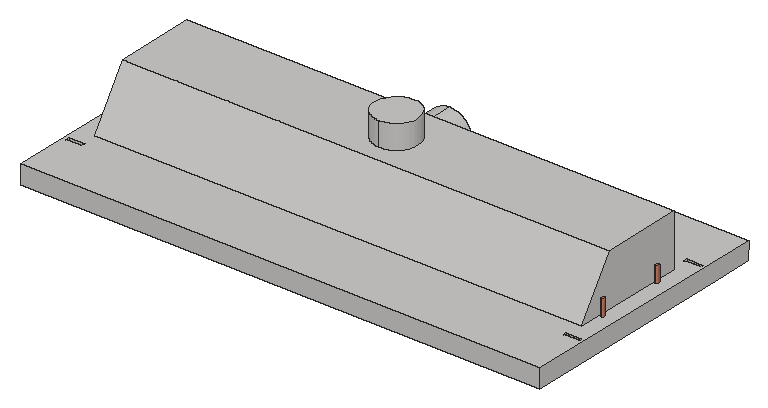
Revit family "HVAC-Chilled_Beam-Dadanco-ACB40-ACW", category Mechanical Equipment, Revit 2018
Family settings
  Round Connector Dimension = Use Diameter
  Part Type = Normal
  OmniClass Number = 23.75.70.17.31
  OmniClass Title = Induction Units
  Work Plane-Based = No
  Always vertical = Yes
  Cut with Voids When Loaded = No
  Shared = No
  Room Calculation Point = No
Parameters (values of type "6' Nominal Length")
  Zone Name [instance] = ""
  Zone ID [instance] = ""
  Unit Width = 3' - 0"  # constant formula
  Unit Weight = if(Nominal Unit Length = 2' 0", "36 lb", if(Nominal Unit Length = 4' 0", "73 lb", if(Nominal Unit Length = 6' 0", "110 lb", if(Nominal Unit Length = 8' 0", "146 lb", if(Nominal Unit Length = 10' 0", "183 lb", "0 lb")))))  # "110 lb"
  Unit Tag [instance] = ""
  Total Cooling Capacity = 0.0 Btu/h
  Supply Air = 0 CFM
  Sound Level dBA = ""
  Sound Level NC = ""
  Secondary Air Sensible Heating = 0.0 Btu/h
  Secondary Air Sensible Cooling = 0.0 Btu/h
  SHHW Temperature = 0 °F
  SHHW Pressure Drop [instance] = HWPD  # 0 Pa
  SHHW Flow [instance] = HWF  # 0 GPM
  SCHW Temperature = 0 °F
  SCHW Pressure Drop [instance] = CWPD  # 0 Pa
  SCHW Flow [instance] = CWF  # 0 GPM
  Primary Air Static Pressure [instance] = PASP  # 0.00 in-wg
  Primary Air Inlet Top [instance] = yes
  Primary Air Inlet Size = 0' - 6"
  Primary Air Inlet Back [instance] = yes
  Primary Air Flow Rate [instance] = PA  # 0 CFM
  PASP = 0.00 in-wg
  PA = 0 CFM
  Overall Unit Length = Nominal Unit Length + 0' 2 1/2"  # 6' - 2 1/2"
  Origin1 = Nominal Unit Length / 2  # 3' - 0"
  Nozzle Configuration = ""
  Nominal Unit Length = 6' - 0"
  Net Unit Heating Sensible = 0.0 Btu/h
  Net Unit Cooling Sensible = 0.0 Btu/h
  Model Number = ""
  Unit Length = Nominal Unit Length  # 6' - 0"
  URL = "http://www.dadanco.com/"
  Type Comments = "2-way Discharge Horizontal Coil"
  SHHW Temp Out = 0 °F
  SCHW Temp Out = 0 °F
  Product Page URL = "http://www.activechilledbeam.com/efficient_air_conditioning.asp"
  Latent Cooling = 0.0 Btu/h
  Keynote = "23 37 00.A1"
  Heating Supply Air Temperature = 0 °F
  Heating Room Dry Bulb = 0 °F
  Heating Primary Air Dry Bulb = 0 °F
  HWPD = 0 Pa
  HWF = 0 GPM
  Front Back Air Inlet [instance] = or(Primary Air Inlet Top, Primary Air Inlet Back)  # yes
  Pipe Material = Metal-Dadanco-Copper-Satin
  Pipe Coil Outlet = "2 Pipe Coi, 0.5 inch SWT Stub Coil Connection"
  Pipe Coil Inlet = "2 Pipe Coi, 0.5 inch SWT Stub Coil Connection"
  Documentation Link = "http://www.dadanco.com/ACB/air_conditioning_literature.asp?productLineID=30"
  Cooling Supply Air Temperature = 0 °F
  Cooling Room Relative Humidity = 0
  Cooling Room Dry Bulb = 0 °F
  Cooling Primary Air Wet Bulb = 0 °F
  Cooling Primary Air Dry Bulb = 0 °F
  Coil Connection Right [instance] = yes
  Coil Connection Left [instance] = not(Coil Connection Right)  # no
  Revision Date = "07/19/2010"  # constant formula
  Coil Length = if(Nominal Unit Length = 2' 0", 2' 0", if(Nominal Unit Length = 4' 0", 3' 4", if(Nominal Unit Length = 6' 0", 5' 4", 0' 0")))  # 5' - 4"
  Model = "ACB40"  # constant formula
  Manufacturer = "Dadanco"  # constant formula
  Housing Material = Metal-Dadanco-Steel-Galvanized
  Description = "Active Chilled Beam"  # constant formula
  CWPD = 0 Pa
  CWF = 0 GPM
  Architectural Design Manual = "http://www.activechilledbeam.com/efficient_air_conditioning.asp"
  4 Pipe Coil Configuration Right [instance] = and([4 Pipe Coil Configuration], Coil Connection Right)  # no
  4 Pipe Coil Configuration Left [instance] = and([4 Pipe Coil Configuration], Coil Connection Left)  # no
  4 Pipe Coil Configuration = if([2 or 4 pipe] = 4, 1 = 1, 1 = 0)  # no
  2 or 4 pipe = 2
  2 Pipe Coil Configuration = if([2 or 4 pipe] = 2, 1 = 1, 1 = 0)  # yes
  Assembly Code = "D3040100"
Types (6): name | Unit Weight | Primary Air Inlet Back | Overall Unit Length | Origin1 | Nominal Unit Length | Unit Length | Coil Length
  (no name) | "110 lb" | yes | 6' - 2 1/2" | 3' - 0" | 6' - 0" | 6' - 0" | 5' - 4"
  4' Nominal Length | "73 lb" | no | 4' - 2 1/2" | 2' - 0" | 4' - 0" | 4' - 0" | 3' - 4"
  2' Nominal Length | "36 lb" | no | 2' - 2 1/2" | 1' - 0" | 2' - 0" | 2' - 0" | 2' - 0"
  6' Nominal Length | "110 lb" | yes | 6' - 2 1/2" | 3' - 0" | 6' - 0" | 6' - 0" | 5' - 4"
  8' Nominal Length | "146 lb" | yes | 8' - 2 1/2" | 4' - 0" | 8' - 0" | 8' - 0" | 0' - 0"
  10' Nominal Length | "183 lb" | yes | 10' - 2 1/2" | 5' - 0" | 10' - 0" | 10' - 0" | 0' - 0"
Reference planes (in)
  plane 1 "Center (Front/Back)": y = 0.77127
  plane 2 "Top Face of Plenum": z = 9.75
  plane 3 "Center (Left/Right)": x = 0.55581
  plane 4 "Right End": x = 36.55581
  plane 5 "Bottom Face": z = 0
  plane 6 "Left End": x = -35.44419
  plane 7 "Front End": y = -17.22873
  plane 8 "pipes_LH": x = -33.48019
  plane 9 "pipes_RH": x = 34.59181
  plane 10 "CHW2": y = 5.48127
  plane 11 "HW2_D": y = 2.35127
  plane 12 "HW1_D": y = -1.40873
  plane 13 "CHW1": y = -3.91873
  plane 14 "Back End": y = 18.77127
  plane 15 "topdct_ctr": y = 2.90127
  plane 16 "sidedct_ctr": z = 6.39
  plane 17 "HW1_C": y = -0.80873
  plane 18 "HW2_C": y = 2.95127
  plane 19 "mtg_RH": x = 35.03581
  plane 20 "mtg_LH": x = -33.92419
Forms (in)
  Extrusion 1, solid, material "Metal-Dadanco-Steel-Galvanized" <- "Housing Material"
    sketch origin (0.55581, 0, 0) x (0, 1, 0) y (0, 0, 1)
      loop
        line (12.66927, 0) -> (18.80427, 0) -> (18.80427, 2.511) -> (8.80427, 2.511) -> (8.80427, 9.75) -> (-2.27373, 9.75) -> (-7.23173, 2.511) -> (-17.22873, 2.511) -> (-17.22873, 0) -> (12.66927, 0)
    from -36 to 36
  Extrusion 2, solid, material "Metal-Dadanco-Steel-Galvanized", visible <- "Primary Air Inlet Back", detail levels medium+fine
    sketch origin (0.55581, 8.80427, 2.65224) x (0, 0, 1) y (1, 0, 0)
      loop
        circle (3.708, 0) r 3
    from 0 to 3.30078
  Extrusion 3, void
    sketch origin (36.55581, 0, 0) x (0, -1, 0) y (0, 0, 1)
      loop
        line (7.23173, 9.75) -> (-8.80427, 9.75) -> (-8.80427, 2.511) -> (7.23173, 2.511) -> (7.23173, 9.75)
    from 0 to 2.27344
  Extrusion 4, void
    sketch origin (-35.44419, 0, 0) x (0, 1, 0) y (0, 0, 1)
      loop
        line (8.80427, 9.75) -> (-7.28062, 9.75) -> (-7.28062, 2.511) -> (8.80427, 2.511) -> (8.80427, 9.75)
    from 0 to 2.27344
  Extrusion 5, solid, material "Metal-Dadanco-Copper-Satin" <- "Pipe Material", visible <- "Coil Connection Left", detail levels medium+fine
    sketch origin (0.55581, 13.29749, 2.511) x (0, -1, 0) y (1, 0, 0)
      loop
        circle (7.818, -34.036) r 0.25
    from 0 to 2.14844
  Extrusion 6, solid, material "Metal-Dadanco-Copper-Satin" <- "Pipe Material", visible <- "4 Pipe Coil Configuration Left", detail levels medium+fine
    sketch origin (0.55581, 13.29521, 2.511) x (0, -1, 0) y (1, 0, 0)
      loop
        circle (10.948, -34.036) r 0.25
    from 0 to 2.14844
  Extrusion 7, solid, material "Metal-Dadanco-Copper-Satin" <- "Pipe Material", visible <- "4 Pipe Coil Configuration Left", detail levels medium+fine
    sketch origin (0.55581, 13.28192, 2.511) x (0, -1, 0) y (1, 0, 0)
      loop
        circle (14.708, -34.036) r 0.25
    from 0 to 2.14844
  Extrusion 8, solid, material "Metal-Dadanco-Copper-Satin" <- "Pipe Material", visible <- "Coil Connection Left", detail levels medium+fine
    sketch origin (0.55581, 13.30331, 2.511) x (0, -1, 0) y (1, 0, 0)
      loop
        circle (17.218, -34.036) r 0.25
    from 0 to 2.14844
  Extrusion 9, solid, material "Metal-Dadanco-Copper-Satin" <- "Pipe Material", visible <- "Coil Connection Right", detail levels medium+fine
    sketch origin (0.55581, 13.21595, 2.511) x (0, -1, 0) y (1, 0, 0)
      loop
        circle (7.72527, 34.01152) r 0.25
    from 0 to 2.14844
  Extrusion 10, solid, material "Metal-Dadanco-Copper-Satin" <- "Pipe Material", visible <- "4 Pipe Coil Configuration Right", detail levels medium+fine
    sketch origin (0.55581, 13.89848, 2.511) x (0, -1, 0) y (1, 0, 0)
      loop
        circle (10.948, 34.036) r 0.25
    from 0 to 2.14844
  Extrusion 11, solid, material "Metal-Dadanco-Copper-Satin" <- "Pipe Material", visible <- "4 Pipe Coil Configuration Right", detail levels medium+fine
    sketch origin (0.55581, 13.89708, 2.511) x (0, -1, 0) y (1, 0, 0)
      loop
        circle (14.708, 34.036) r 0.25
    from 0 to 2.14844
  Extrusion 12, solid, material "Metal-Dadanco-Copper-Satin" <- "Pipe Material", visible <- "Coil Connection Right", detail levels medium+fine
    sketch origin (0.55581, 13.29838, 2.511) x (0, -1, 0) y (1, 0, 0)
      loop
        circle (17.218, 34.036) r 0.25
    from 0 to 2.14844
  Extrusion 13, solid, material "Metal-Dadanco-Steel-Galvanized", visible <- "Primary Air Inlet Top", detail levels medium+fine
    sketch origin (0.55581, 10.93739, 9.75) x (0, -1, 0) y (1, 0, 0)
      loop
        circle (8.033, 0) r 3
    from 0 to 3.30078
  Extrusion 14, void
    sketch origin (1.66375, 40.84127, 2.511) x (1, 0, 0) y (0, -1, 0)
      loop
        line (34.5, 29.852) -> (32.25, 29.852) -> (32.25, 29.412) -> (34.5, 29.412) -> (34.5, 29.852)
    from 0 to 2.14844
  Extrusion 15, void
    sketch origin (-91.29638, 40.84127, 2.511) x (1, 0, 0) y (0, -1, 0)
      loop
        line (58.5, 29.852) -> (56.25, 29.852) -> (56.25, 29.412) -> (58.5, 29.412) -> (58.5, 29.852)
    from 0 to 2.14844
  Extrusion 16, void
    sketch origin (1.66375, -39.26573, 2.511) x (-1, 0, 0) y (0, 1, 0)
      loop
        line (-34.5, 29.852) -> (-34.5, 29.412) -> (-32.25, 29.412) -> (-32.25, 29.852) -> (-34.5, 29.852)
    from 0 to 2.14844
  Extrusion 17, void
    sketch origin (-91.29638, -39.26573, 2.511) x (-1, 0, 0) y (0, 1, 0)
      loop
        line (-58.5, 29.852) -> (-58.5, 29.412) -> (-56.25, 29.412) -> (-56.25, 29.852) -> (-58.5, 29.852)
    from 0 to 2.14844
Cuts and joins
  Extrusion 3, Extrusion 4, Extrusion 14, Extrusion 15, Extrusion 16, Extrusion 17 cuts Extrusion 1
Lines and regions (in)
  model lines, detail levels medium+fine
    curve 1: line (-35.44419, -5.35923, 0) -> (36.55581, -5.35923, 0)
    curve 2: line (-35.44419, 7.04677, 0) -> (36.55581, 7.04677, 0)
  symbolic lines, not visible, detail levels medium+fine
    curve 3: arc (0.43081, -5.48123, 7.73) -> (0.55581, -5.48123, 7.855) -> (0.68081, -5.48123, 7.73) r 0.125
    curve 4: arc (0.68081, -5.48123, 7.73) -> (0.55581, -5.48123, 7.605) -> (0.43081, -5.48123, 7.73) r 0.125
  symbolic lines, detail levels fine
    curve 5: line (-35.44419, 7.98019, 4.13) -> (36.55581, 7.98019, 4.13)
    curve 6: line (-35.44419, -6.29265, 4.13) -> (36.55581, -6.29265, 4.13)
  model lines
    curve 7: line (-35.44419, 18.80427, 0) -> (-35.44419, -17.22873, 0)
  symbolic lines, detail levels medium+fine
    curve 8: line (-35.44419, 18.80427, 0) -> (-35.44419, -17.22873, 0)
    curve 9: line (36.55581, 18.80427, 0) -> (36.55581, -17.22873, 0)
    curve 10: line (-35.44419, 18.80427, 0) -> (36.55581, 18.80427, 0)
    curve 11: line (36.55581, -17.22873, 0) -> (-35.44419, -17.22873, 0)
Dimensions and locks (in)
  equal spacing: plane 6 "Left End", plane 3 "Center (Left/Right)", plane 4 "Right End"
  "Unit Length": plane 6 "Left End" to plane 4 "Right End"
  Extrusion 2 to Extrusion 2 = 0' - 3 77/256"
  plane 7 "Front End" to plane 1 "Center (Front/Back)" = 1' - 6"  (x2)
  locked: plane 3 "Center (Left/Right)" to Extrusion 2 sketch curve at 0
  plane 1 "Center (Front/Back)" to plane 10 "CHW2" = 0' - 4.71"
  plane 1 "Center (Front/Back)" to plane 11 "HW2_D" = 0' - 1.58"
  plane 12 "HW1_D" to plane 1 "Center (Front/Back)" = 0' - 2.18"
  locked: plane 13 "CHW1" to plane 1 "Center (Front/Back)" at 4.687
  locked: plane 6 "Left End" to plane 8 "pipes_LH" at 1.964
  locked: plane 9 "pipes_RH" to plane 4 "Right End" at 1.964
  plane 1 "Center (Front/Back)" to Extrusion 13 sketch curve = 0' - 2.13312"
  locked: Extrusion 13 sketch curve to plane 3 "Center (Left/Right)" at 0
  plane 14 "Back End" to plane 1 "Center (Front/Back)" = 1' - 6"
  plane 5 "Bottom Face" to plane 2 "Top Face of Plenum" = 0' - 9 3/4"
  Extrusion 1 sketch curve to Extrusion 1 sketch curve = 0' - 10"
  plane 1 "Center (Front/Back)" to plane 12 "HW1_D" to plane 13 "CHW1" = 0' - 2.18", 0' - 2.51"
  plane 1 "Center (Front/Back)" to plane 13 "CHW1" = 0' - 4.69"
  plane 5 "Bottom Face" to plane 16 "sidedct_ctr" to plane 2 "Top Face of Plenum" = 0' - 6.39", 0' - 3.36"
  cut or joined group of Extrusion 1, Extrusion 3, Extrusion 4, Extrusion 14, Extrusion 15, Extrusion 16, Extrusion 17 to plane 20 "mtg_LH" to cut or joined group of Extrusion 1, Extrusion 3, Extrusion 4, Extrusion 14, Extrusion 15, Extrusion 16, Extrusion 17 = 0' - 1.52", 5' - 10.08794"
  plane 9 "pipes_RH" to plane 19 "mtg_RH" to cut or joined group of Extrusion 1, Extrusion 3, Extrusion 4, Extrusion 14, Extrusion 15, Extrusion 16, Extrusion 17 = 0' - 0.444", 0' - 1.52"
  cut or joined group of Extrusion 1, Extrusion 3, Extrusion 4, Extrusion 14, Extrusion 15, Extrusion 16, Extrusion 17 to plane 20 "mtg_LH" to plane 8 "pipes_LH" = 0' - 1.12219", 0' - 0.444"
  aligned and locked: plane 5 "Bottom Face" to level
  aligned and locked: Extrusion 1 to plane 6 "Left End"
  aligned and locked: Extrusion 1 to plane 4 "Right End"
  aligned and locked: Extrusion 3 sketch curve to cut or joined group of Extrusion 1, Extrusion 3, Extrusion 4, Extrusion 14, Extrusion 15, Extrusion 16, Extrusion 17
  aligned and locked: Extrusion 4 sketch curve to cut or joined group of Extrusion 1, Extrusion 3, Extrusion 4, Extrusion 14, Extrusion 15, Extrusion 16, Extrusion 17  (x2)
Automatic sketch dimensions
  Extrusion 1 sketch curve to plane 7 "Front End" = 0' - 0"
  Extrusion 1 sketch curve to plane 2 "Top Face of Plenum" = 0' - 0"
  level to Extrusion 1 sketch curve = 0' - 0"
  plane 12 "HW1_D" to Extrusion 1 sketch curve = 0' - 0.865"
  Extrusion 1 sketch curve to Extrusion 1 sketch curve = 0' - 2.511"  (x2)
  curve 3 to curve 4 = 0' - 0"  (x2)
  curve 4 to plane 3 "Center (Left/Right)" = 0' - 0"
  plane 16 "sidedct_ctr" to curve 4 = 0' - 1.34"
  plane 3 "Center (Left/Right)" to curve 3 = 0' - 0 1/8"
  Extrusion 2 sketch curve to Extrusion 1 = 0' - 3.38976"
  curve 5 to plane 4 "Right End" = 0' - 0"
  curve 5 to plane 6 "Left End" = 0' - 0"
  curve 6 to plane 4 "Right End" = 0' - 0"
  curve 6 to plane 6 "Left End" = 0' - 0"
  plane 10 "CHW2" to curve 5 = 0' - 2.49892"
  plane 13 "CHW1" to curve 6 = 0' - 2.37392"
  Extrusion 3 sketch curve to Extrusion 1 = 0' - 0"
  Extrusion 1 to Extrusion 3 sketch curve = 0' - 0"  (x2)
  Extrusion 1 to Extrusion 4 sketch curve = 0' - 0"
  Extrusion 1 to Extrusion 4 sketch curve = 0' - 9.94811"
  Extrusion 5 sketch curve to plane 8 "pipes_LH" = 0' - 0"
  Extrusion 5 sketch curve to plane 10 "CHW2" = 0' - 0.00178"
  Extrusion 6 sketch curve to plane 8 "pipes_LH" = 0' - 0"
  plane 11 "HW2_D" to Extrusion 6 sketch curve = 0' - 0.00406"
  Extrusion 7 sketch curve to plane 8 "pipes_LH" = 0' - 0"
  plane 12 "HW1_D" to Extrusion 7 sketch curve = 0' - 0.01735"
  Extrusion 8 sketch curve to plane 8 "pipes_LH" = 0' - 0"
  Extrusion 8 sketch curve to plane 13 "CHW1" = 0' - 0.00404"
  plane 10 "CHW2" to Extrusion 9 sketch curve = 0' - 0.00941"
  Extrusion 9 sketch curve to plane 9 "pipes_RH" = 0' - 0.02448"
  Extrusion 10 sketch curve to plane 9 "pipes_RH" = 0' - 0"
  plane 18 "HW2_C" to Extrusion 10 sketch curve = 0' - 0.00078"
  Extrusion 11 sketch curve to plane 9 "pipes_RH" = 0' - 0"
  plane 17 "HW1_C" to Extrusion 11 sketch curve = 0' - 0.00219"
  Extrusion 12 sketch curve to plane 9 "pipes_RH" = 0' - 0"
  plane 13 "CHW1" to Extrusion 12 sketch curve = 0' - 0.00089"
  Extrusion 14 sketch curve to plane 9 "pipes_RH" = 0' - 0.67806"
  plane 4 "Right End" to Extrusion 14 sketch curve = 0' - 0.39206"
  plane 6 "Left End" to Extrusion 15 sketch curve = 0' - 0.39781"
  plane 8 "pipes_LH" to Extrusion 15 sketch curve = 0' - 0.68381"
  plane 4 "Right End" to Extrusion 16 sketch curve = 0' - 0.39206"
  Extrusion 16 sketch curve to plane 9 "pipes_RH" = 0' - 0.67806"
  plane 8 "pipes_LH" to Extrusion 17 sketch curve = 0' - 0.68381"
  plane 6 "Left End" to Extrusion 17 sketch curve = 0' - 0.39781"
  curve 1 to plane 4 "Right End" = 0' - 0"
  curve 11 to plane 6 "Left End" = 0' - 0"
  curve 9 to plane 7 "Front End" = 0' - 0"
  plane 14 "Back End" to curve 10 = 0' - 0.033"
  curve 1 to plane 13 "CHW1" = 0' - 1.4405"
  curve 2 to plane 10 "CHW2" = 0' - 1.5655"
  plane 13 "CHW1" to Extrusion 1 sketch curve = 0' - 3.313"
  plane 13 "CHW1" to Extrusion 16 sketch curve = 0' - 5.495"
  Extrusion 16 sketch curve to Extrusion 16 sketch curve = 0' - 0.44"
  plane 13 "CHW1" to Extrusion 17 sketch curve = 0' - 5.495"
  Extrusion 17 sketch curve to Extrusion 17 sketch curve = 0' - 0.44"
  plane 10 "CHW2" to Extrusion 1 sketch curve = 0' - 3.323"
  Extrusion 1 sketch curve to Extrusion 1 sketch curve = 0' - 3.865"
  plane 10 "CHW2" to Extrusion 14 sketch curve = 0' - 5.508"
  Extrusion 14 sketch curve to Extrusion 14 sketch curve = 0' - 0.44"
  plane 10 "CHW2" to Extrusion 15 sketch curve = 0' - 5.508"
  Extrusion 15 sketch curve to Extrusion 15 sketch curve = 0' - 0.44"
  radius of Extrusion 2 sketch curve = 0' - 3"
  radius of Extrusion 5 sketch curve = 0' - 0 1/4"
  radius of Extrusion 6 sketch curve = 0' - 0 1/4"
  radius of Extrusion 7 sketch curve = 0' - 0 1/4"
  radius of Extrusion 8 sketch curve = 0' - 0 1/4"
  radius of Extrusion 9 sketch curve = 0' - 0 1/4"
  radius of Extrusion 10 sketch curve = 0' - 0 1/4"
  radius of Extrusion 11 sketch curve = 0' - 0 1/4"
  radius of Extrusion 12 sketch curve = 0' - 0 1/4"
  radius of Extrusion 13 sketch curve = 0' - 3"
Connectors (in)
  hvac at (0.55581, 12.10505, 6.36024), driven by "Primary Air Flow Rate", driven by "Primary Air Static Pressure", driven by "Primary Air Inlet Size"
    settings: on Extrusion 2, index 3, duct flow 0 CFM, flow factor 0, pres drop 0.00 in-wg, loss coef 0, conn angle 0.00°, conn width 7 215/256", conn height 2 41/64", conn diameter 6", duct sys type 1, conn prof type 0, flow config 1, flow direction 1, loss method 4, conn ref index -1, conn util no, is conn primary yes, conn desc "Primary Air Inlet Back (E)"
  piping at (34.59181, -3.91962, 4.65944), diameter 0.5, driven by "SCHW Flow"
    settings: on Extrusion 12, index 13, connector inside diameter 24", connector length 0' - 0", flow factor 0, pipe flow 0 GPM, pressure drop 0 Pa, fitting loss kfactor 0, connector angle 0.00°, fixture units 0, engagement length 0' - 0", angle of deflection 0.00°, flow configuration 1, flow direction 1, fitting loss method 0, system type 7, joint type 0, gender type 0, connector reference index -1, connector utility 0, adjustable connector no, is connector primary yes, connector description "SCHW Supply Right"
  piping at (34.59181, -0.81092, 4.65944), diameter 0.5, driven by "SHHW Flow"
    settings: on Extrusion 11, index 14, connector inside diameter 24", connector length 0' - 0", flow factor 0, pipe flow 0 GPM, pressure drop 0 Pa, fitting loss kfactor 0, connector angle 0.00°, fixture units 0, engagement length 0' - 0", angle of deflection 0.00°, flow configuration 1, flow direction 1, fitting loss method 0, system type 7, joint type 0, gender type 0, connector reference index -1, connector utility 0, adjustable connector no, is connector primary no, connector description "SHHW Supply Right"
  piping at (34.59181, 2.95048, 4.65944), diameter 0.5, driven by "SHHW Flow", driven by "SHHW Pressure Drop"
    settings: on Extrusion 10, index 15, connector inside diameter 24", connector length 0' - 0", flow factor 0, pipe flow 0 GPM, pressure drop 0 Pa, fitting loss kfactor 0, connector angle 0.00°, fixture units 0, engagement length 0' - 0", angle of deflection 0.00°, flow configuration 1, flow direction 2, fitting loss method 4, system type 8, joint type 0, gender type 0, connector reference index -1, connector utility 0, adjustable connector no, is connector primary no, connector description "SHHW Return Right"
  piping at (34.56733, 5.49068, 4.65944), diameter 0.5, driven by "SCHW Flow", driven by "SCHW Pressure Drop"
    settings: on Extrusion 9, index 16, connector inside diameter 24", connector length 0' - 0", flow factor 0, pipe flow 0 GPM, pressure drop 0 Pa, fitting loss kfactor 0, connector angle 0.00°, fixture units 0, engagement length 0' - 0", angle of deflection 0.00°, flow configuration 1, flow direction 2, fitting loss method 4, system type 8, joint type 0, gender type 0, connector reference index -1, connector utility 0, adjustable connector no, is connector primary no, connector description "SCHW Return Right"
  piping at (-33.48019, 5.47949, 4.65944), diameter 0.5, driven by "SCHW Flow", driven by "SCHW Pressure Drop"
    settings: on Extrusion 5, index 17, connector inside diameter 24", connector length 0' - 0", flow factor 0, pipe flow 0 GPM, pressure drop 0 Pa, fitting loss kfactor 0, connector angle 0.00°, fixture units 0, engagement length 0' - 0", angle of deflection 0.00°, flow configuration 1, flow direction 2, fitting loss method 4, system type 8, joint type 0, gender type 0, connector reference index -1, connector utility 0, adjustable connector no, is connector primary no, connector description "SCHW Return Left"
  piping at (-33.48019, 2.34721, 4.65944), diameter 0.5, driven by "SHHW Flow", driven by "SHHW Pressure Drop"
    settings: on Extrusion 6, index 18, connector inside diameter 24", connector length 0' - 0", flow factor 0, pipe flow 0 GPM, pressure drop 0 Pa, fitting loss kfactor 0, connector angle 0.00°, fixture units 0, engagement length 0' - 0", angle of deflection 0.00°, flow configuration 1, flow direction 2, fitting loss method 4, system type 8, joint type 0, gender type 0, connector reference index -1, connector utility 0, adjustable connector no, is connector primary no, connector description "SHHW Return Left"
  piping at (-33.48019, -1.42608, 4.65944), diameter 0.5, driven by "SHHW Flow"
    settings: on Extrusion 7, index 19, connector inside diameter 24", connector length 0' - 0", flow factor 0, pipe flow 0 GPM, pressure drop 0 Pa, fitting loss kfactor 0, connector angle 0.00°, fixture units 0, engagement length 0' - 0", angle of deflection 0.00°, flow configuration 1, flow direction 1, fitting loss method 0, system type 7, joint type 0, gender type 0, connector reference index -1, connector utility 0, adjustable connector no, is connector primary no, connector description "SHHW Supply Left"
  piping at (-33.48019, -3.91469, 4.65944), diameter 0.5, driven by "SCHW Flow"
    settings: on Extrusion 8, index 20, connector inside diameter 24", connector length 0' - 0", flow factor 0, pipe flow 0 GPM, pressure drop 0 Pa, fitting loss kfactor 0, connector angle 0.00°, fixture units 0, engagement length 0' - 0", angle of deflection 0.00°, flow configuration 1, flow direction 1, fitting loss method 0, system type 7, joint type 0, gender type 0, connector reference index -1, connector utility 0, adjustable connector no, is connector primary no, connector description "SCHW Supply Left"
  hvac at (0.55581, 2.90439, 13.05078), driven by "Primary Air Static Pressure", driven by "Primary Air Flow Rate", driven by "Primary Air Inlet Size"
    settings: on Extrusion 13, index 21, duct flow 0 CFM, flow factor 0, pres drop 0.00 in-wg, loss coef 0, conn angle 0.00°, conn width 12", conn height 12", conn diameter 6", duct sys type 1, conn prof type 0, flow config 1, flow direction 1, loss method 4, conn ref index -1, conn util no, is conn primary no, conn desc "Primary Air Inlet Top"
